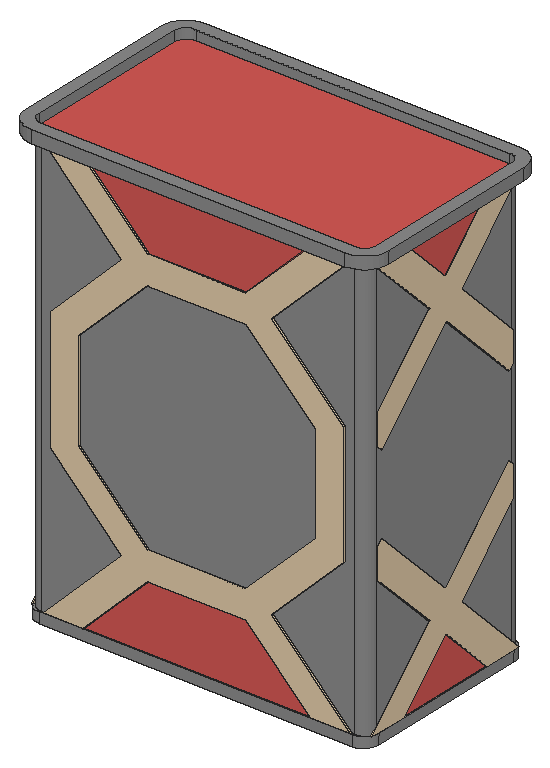
Revit family "KAPLA_Boite", category Generic Models, Revit 2020
Family settings
  Can host rebar = No
  Round Connector Dimension = Use Diameter
  Part Type = Normal
  Work Plane-Based = No
  Always vertical = Yes
  Cut with Voids When Loaded = No
  Shared = No
  Room Calculation Point = No
Parameters
  Default Elevation = 0 mm
  Couleur Rouge [instance] = KAPLA_ROUGE
  Couleur Noir [instance] = KAPLA_NOIR
  Couleur Bois [instance] = KAPLA_BOIS
Reference planes
  plane 1 "Centre (avant/arrière)": y = 0
  plane 2: z = 0
  plane 3 "Centre (gauche/droite)": x = 0
Forms (mm)
  Extrusion 1, solid, material "KAPLA_NOIR" <- "Couleur Noir"
    sketch origin (0, 0, 0) x (1, 0, 0) y (0, 1, 0)
      loop
        arc (-130, 80) -> (-137.071, 77.071) -> (-140, 70) r 10
        line (-140, 70) -> (-140, -70)
        arc (-140, -70) -> (-137.071, -77.071) -> (-130, -80) r 10
        line (-130, -80) -> (130, -80)
        arc (130, -80) -> (137.071, -77.071) -> (140, -70) r 10
        line (140, -70) -> (140, 70)
        arc (140, 70) -> (137.071, 77.071) -> (130, 80) r 10
        line (130, 80) -> (-130, 80)
    from 0 to 360
  Extrusion 2, solid, material "KAPLA_NOIR" <- "Couleur Noir"
    sketch origin (0, 0, 0) x (1, 0, 0) y (0, 1, 0)
      loop
        arc (-130, 80) -> (-137.071, 77.071) -> (-140, 70) r 10
        line (-140, 70) -> (-140, -70)
        arc (-140, -70) -> (-137.071, -77.071) -> (-130, -80) r 10
        line (-130, -80) -> (130, -80)
        arc (130, -80) -> (137.071, -77.071) -> (140, -70) r 10
        line (140, -70) -> (140, 70)
        arc (140, 70) -> (137.071, 77.071) -> (130, 80) r 10
        line (130, 80) -> (-130, 80)
      loop
        arc (150, 70) -> (144.142, 84.142) -> (130, 90) r 20
        line (130, 90) -> (-130, 90)
        arc (-130, 90) -> (-144.142, 84.142) -> (-150, 70) r 20
        line (-150, 70) -> (-150, -70)
        arc (-150, -70) -> (-144.142, -84.142) -> (-130, -90) r 20
        line (-130, -90) -> (130, -90)
        arc (130, -90) -> (144.142, -84.142) -> (150, -70) r 20
        line (150, -70) -> (150, 70)
    from 360 to 370
  Extrusion 3, solid, material "KAPLA_BOIS" <- "Couleur Bois"
    sketch origin (980, -80, 0) x (-1, 0, 0) y (0, 0, -1)
      loop
        line (1108.526, -360) -> (1042.11, -293.584) -> (1101.7, -233.994) -> (1101.7, -133.174) -> (1042.11, -73.584) -> (1107.421, -8.273) -> (1074.328, -8.273) -> (1020.717, -61.884) -> (939.283, -61.884) -> (885.672, -8.273) -> (852.579, -8.273) -> (917.89, -73.584) -> (858.3, -133.174) -> (858.3, -233.994) -> (917.89, -293.584) -> (851.474, -360) -> (884.567, -360) -> (939.283, -305.284) -> (1020.717, -305.284) -> (1075.433, -360) -> (1108.526, -360)
      loop
        line (1078.3, -224.301) -> (1078.3, -142.867) -> (1020.717, -85.284) -> (939.283, -85.284) -> (881.7, -142.867) -> (881.7, -224.301) -> (939.283, -281.884) -> (1020.717, -281.884) -> (1078.3, -224.301)
    from 0 to 1
  Extrusion 4, solid, material "KAPLA_NOIR" <- "Couleur Noir"
    sketch origin (0, 0, 0) x (1, 0, 0) y (0, 1, 0)
      loop
        arc (-130, 80) -> (-137.071, 77.071) -> (-140, 70) r 10
        line (-140, 70) -> (-140, -70)
        arc (-140, -70) -> (-137.071, -77.071) -> (-130, -80) r 10
        line (-130, -80) -> (130, -80)
        arc (130, -80) -> (137.071, -77.071) -> (140, -70) r 10
        line (140, -70) -> (140, 70)
        arc (140, 70) -> (137.071, 77.071) -> (130, 80) r 10
        line (130, 80) -> (-130, 80)
      loop
        arc (-130, 82) -> (-138.485, 78.485) -> (-142, 70) r 12
        line (-142, 70) -> (-142, -70)
        arc (-142, -70) -> (-138.485, -78.485) -> (-130, -82) r 12
        line (-130, -82) -> (130, -82)
        arc (130, -82) -> (138.485, -78.485) -> (142, -70) r 12
        line (142, -70) -> (142, 70)
        arc (142, 70) -> (138.485, 78.485) -> (130, 82) r 12
        line (130, 82) -> (-130, 82)
    from 0 to 8.273
  Extrusion 5, solid, material "KAPLA_BOIS" <- "Couleur Bois"
    sketch origin (140, 610, 0) x (0, -1, 0) y (0, 0, 1)
      loop
        line (686.367, 360) -> (653.275, 360) -> (610, 316.725) -> (566.725, 360) -> (533.633, 360) -> (593.454, 300.179) -> (540, 246.725) -> (540, 221.262) -> (543.815, 217.447) -> (610, 283.633) -> (676.185, 217.447) -> (680, 221.262) -> (680, 246.725) -> (626.546, 300.179) -> (686.367, 360)
      loop
        line (680, 121.472) -> (680, 146.935) -> (676.185, 150.75) -> (610, 84.564) -> (543.815, 150.75) -> (540, 146.935) -> (540, 121.472) -> (593.454, 68.018) -> (533.709, 8.273) -> (566.801, 8.273) -> (610, 51.472) -> (653.199, 8.273) -> (686.291, 8.273) -> (626.546, 68.018) -> (680, 121.472)
    from 0 to -1
  Extrusion 6, solid, material "KAPLA_BOIS" <- "Couleur Bois"
    sketch origin (-980, 80, 0) x (1, 0, 0) y (0, 0, -1)
      loop
        line (1108.526, -360) -> (1042.11, -293.584) -> (1101.7, -233.994) -> (1101.7, -133.174) -> (1042.11, -73.584) -> (1107.421, -8.273) -> (1074.328, -8.273) -> (1020.717, -61.884) -> (939.283, -61.884) -> (885.672, -8.273) -> (852.579, -8.273) -> (917.89, -73.584) -> (858.3, -133.174) -> (858.3, -233.994) -> (917.89, -293.584) -> (851.474, -360) -> (884.567, -360) -> (939.283, -305.284) -> (1020.717, -305.284) -> (1075.433, -360) -> (1108.526, -360)
      loop
        line (1078.3, -224.301) -> (1078.3, -142.867) -> (1020.717, -85.284) -> (939.283, -85.284) -> (881.7, -142.867) -> (881.7, -224.301) -> (939.283, -281.884) -> (1020.717, -281.884) -> (1078.3, -224.301)
    from 0 to 1
  Extrusion 7, solid, material "KAPLA_BOIS" <- "Couleur Bois"
    sketch origin (-140, -610, 0) x (0, 1, 0) y (0, 0, 1)
      loop
        line (686.367, 360) -> (653.275, 360) -> (610, 316.725) -> (566.725, 360) -> (533.633, 360) -> (593.454, 300.179) -> (540, 246.725) -> (540, 221.262) -> (543.815, 217.447) -> (610, 283.633) -> (676.185, 217.447) -> (680, 221.262) -> (680, 246.725) -> (626.546, 300.179) -> (686.367, 360)
      loop
        line (680, 121.472) -> (680, 146.935) -> (676.185, 150.75) -> (610, 84.564) -> (543.815, 150.75) -> (540, 146.935) -> (540, 121.472) -> (593.454, 68.018) -> (533.709, 8.273) -> (566.801, 8.273) -> (610, 51.472) -> (653.199, 8.273) -> (686.291, 8.273) -> (626.546, 68.018) -> (680, 121.472)
    from 0 to -1
  Extrusion 8, solid, material "KAPLA_ROUGE" <- "Couleur Rouge"
    sketch origin (980, -81, 0) x (-1, 0, 0) y (0, 0, -1)
      loop
        line (1075.433, -360) -> (1020.717, -305.284) -> (939.283, -305.284) -> (884.567, -360) -> (1075.433, -360)
    from -161 to -1
  Extrusion 9, void
    sketch origin (980, -81, 0) x (-1, 0, 0) y (0, 0, -1)
      loop
        line (1075.433, -360) -> (1020.717, -305.284) -> (939.283, -305.284) -> (884.567, -360) -> (1075.433, -360)
    from -251.905 to 95.018
  Extrusion 10, void
    sketch origin (980, -81, 367.168) x (-1, 0, 0) y (0, 0, -1)
      loop
        line (1075.433, 360) -> (884.567, 360) -> (939.283, 305.284) -> (1020.717, 305.284) -> (1075.433, 360)
    from -251.905 to 95.018
  Extrusion 11, solid, material "KAPLA_ROUGE" <- "Couleur Rouge"
    sketch origin (980, -81, 367.168) x (-1, 0, 0) y (0, 0, -1)
      loop
        line (1075.433, 360) -> (884.567, 360) -> (939.283, 305.284) -> (1020.717, 305.284) -> (1075.433, 360)
    from -161 to -1
  Extrusion 12, solid, material "KAPLA_ROUGE" <- "Couleur Rouge"
    sketch origin (0, 0, 0) x (1, 0, 0) y (0, 1, 0)
      loop
        arc (-130, 80) -> (-137.071, 77.071) -> (-140, 70) r 10
        line (-140, 70) -> (-140, -70)
        arc (-140, -70) -> (-137.071, -77.071) -> (-130, -80) r 10
        line (-130, -80) -> (130, -80)
        arc (130, -80) -> (137.071, -77.071) -> (140, -70) r 10
        line (140, -70) -> (140, 70)
        arc (140, 70) -> (137.071, 77.071) -> (130, 80) r 10
        line (130, 80) -> (-130, 80)
    from 360 to 362
  Extrusion 13, solid, material "KAPLA_ROUGE" <- "Couleur Rouge"
    sketch origin (141, 610, 0) x (0, 1, 0) y (0, 0, 1)
      loop
        line (-653.199, 8.273) -> (-566.801, 8.273) -> (-610, 51.472) -> (-653.199, 8.273)
    from -281 to -1
  Extrusion 14, solid, material "KAPLA_ROUGE" <- "Couleur Rouge"
    sketch origin (141, 610, 368.273) x (0, 1, 0) y (0, 0, 1)
      loop
        line (-653.199, -8.273) -> (-610, -51.472) -> (-566.801, -8.273) -> (-653.199, -8.273)
    from -281 to -1
  Extrusion 15, void
    sketch origin (141, 610, 0) x (0, 1, 0) y (0, 0, 1)
      loop
        line (-653.199, 8.273) -> (-566.801, 8.273) -> (-610, 51.472) -> (-653.199, 8.273)
    from -410.903 to 74.705
  Extrusion 16, void
    sketch origin (141, 610, 368.273) x (0, 1, 0) y (0, 0, 1)
      loop
        line (-653.199, -8.273) -> (-610, -51.472) -> (-566.801, -8.273) -> (-653.199, -8.273)
    from -410.903 to 74.705
  Extrusion 17, void
    sketch origin (0, 0, 0) x (1, 0, 0) y (0, 1, 0)
      loop
        arc (130, -77) -> (134.95, -74.95) -> (137, -70) r 7
        line (137, -70) -> (137, 70)
        arc (137, 70) -> (134.95, 74.95) -> (130, 77) r 7
        line (130, 77) -> (-130, 77)
        arc (-130, 77) -> (-134.95, 74.95) -> (-137, 70) r 7
        line (-137, 70) -> (-137, -70)
        arc (-137, -70) -> (-134.95, -74.95) -> (-130, -77) r 7
        line (-130, -77) -> (130, -77)
    from 8.273 to 414.345
  Extrusion 18, void
    sketch origin (0, 0, 0) x (1, 0, 0) y (0, 1, 0)
      loop
        arc (130, -77) -> (134.95, -74.95) -> (137, -70) r 7
        line (137, -70) -> (137, 70)
        arc (137, 70) -> (134.95, 74.95) -> (130, 77) r 7
        line (130, 77) -> (-130, 77)
        arc (-130, 77) -> (-134.95, 74.95) -> (-137, 70) r 7
        line (-137, 70) -> (-137, -70)
        arc (-137, -70) -> (-134.95, -74.95) -> (-130, -77) r 7
        line (-130, -77) -> (130, -77)
    from 8.273 to 360
Cuts and joins
  Extrusion 9, Extrusion 10, Extrusion 15, Extrusion 16, Extrusion 17, Extrusion 18 cuts Extrusion 1
  Extrusion 10 cuts Extrusion 2
  Extrusion 10 cuts Extrusion 3
  Extrusion 10 cuts Extrusion 6
  Extrusion 10, Extrusion 18 cuts Extrusion 8
  Extrusion 18 cuts Extrusion 11
  Extrusion 18 cuts Extrusion 12
  Extrusion 18 cuts Extrusion 13
  Extrusion 18 cuts Extrusion 14
Lines and regions (mm)
  model lines
    curve 1: line (140, 0, 0) -> (-140, 0, 0)
Dimensions and locks
  aligned and locked: level to plane 2
